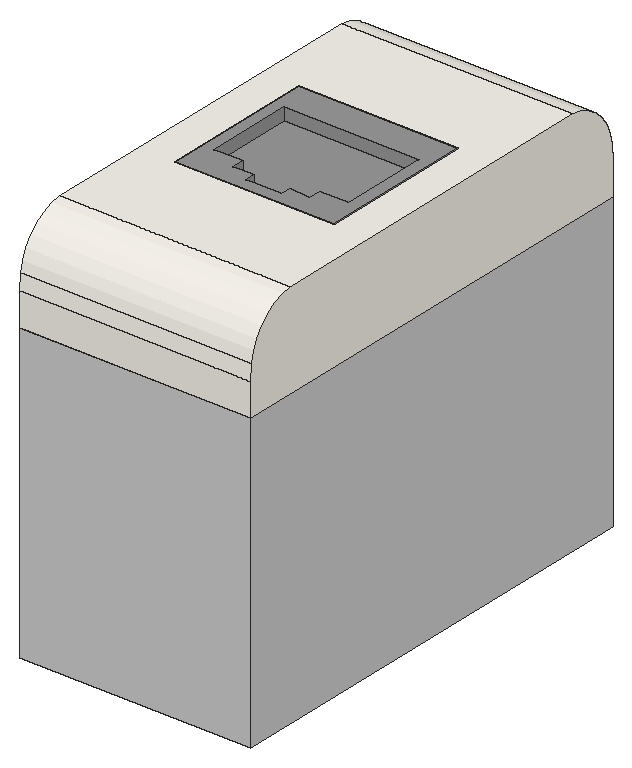
Revit family "Domotics-DomesticRanges-GEWISS-CHORUS_DATA-SOCKET-OUTLET_RJ11", category Apparecchi elettrici, host Superficie, Revit 2016
Family settings
  Host = Superficie
  Mantenere orientamento annotazione = Sì
  Tipo di parte = Normale
  Quota connettore circolare = Usa diametro
  Numero OmniClass = 23.80.50.14
  Titolo OmniClass = Plug Connectors
  Taglio con vuoti quando caricato = Sì
  Condiviso = Sì
  Punto di calcolo locali = Sì
Parameters (values of type "GW14402 - Titanium")
  Volt = 230 V
  Vista di pianta [instance] = yes
  Version file RFA = "19.0"
  URL = "https://www.gewiss.com/ww/en"
  Type: = "In out"
  Type = "In out"
  Tipo_ = CHORUS PRESE RJ11_BASE : TITANIO
  Technical sheet = "https://www.gewiss.com/ww/en/search?q=GW14402"
  Simbolo_ = SIMBOLO PRESE TELEFONO : PRESA TEL
  SIMBOLO [instance] = yes
  SEO = "Socket outlet"
  Realized by GEWISS S.p.A. = ""
  Produttore = "GEWISS S.p.A."
  No. Chorus modules: = "1"
  No. Chorus modules = "1"
  N. poli = 1
  Modello = "GW14402"
  IFC.TypeObject = ""
  IFC.ExportType = ""
  IFC.ExportAs = ""
  Offset pulsante [instance] = 0 mm
  Offset bidimensionale [instance] = 2 mm
  Larghezza presa = 23 mm
  IDT = "45381b81-222b-4d35-9f73-019257e71c9e"
  IDF = "bb8e3a72-2a5c-4532-8acd-c40bef2c28fa"
  Electrocod = "3720"
  EAN code = "8011564267091"
  Distanza_x [instance] = 0 mm
  Distanza_effettiva_x [instance] = 1500 mm - Distanza_x  # 1500 mm
  Default Elevation = 1219.2 mm
  Immagine tipo = GW14402.jpg
  Descrizione = "TELEPHONE CONN. RJ11 IN-OUT 1M TITANIUM"
  Description: = "RJ11"
  Description. = "Telephone socket-outlet"
  Connection = "Impact tool"
  Colour = "Titanium"
  Category = "Telephone socket-outlet"
  Catalogue Range = "CHORUS - DOMESTIC RANGE"
  Catalogue = "DOMOTICS"
  Carico apparente = 0 VA
  COBie.Tagnumber = ""
  COBie.CreatedOn = ""
  COBie.CreatebBy = ""
  COBie.ComponentRegisterItemID = ""
  COBie.Component.TagNumber = ""
  COBie.Component.Space = ""
  COBie.Component.SerialNumber = ""
  COBie.Component.InstallationDate = ""
  COBie.Component.Description = ""
  COBie.Component.BarCode = ""
Types (6, lengths in mm): name | Type: | Type | Tipo_ | Technical sheet | Modello | IDT | EAN code | Immagine tipo | Descrizione | Connection | Colour
  GW10401 - White | "" | "" | CHORUS PRESE RJ11_BASE : BIANCO | "https://www.gewiss.com/ww/en/search?q=GW10401" | "GW10401" | "c45dac4a-eb3f-47c3-8a1e-c6b7171b36ff" | "8011564257641" | GW10402.jpg | "TELEPHONE CONNECTOR RJ11 1M WHITE" | "Screw-on terminals" | "White"
  GW10402 - White | "In out" | "In out" | CHORUS PRESE RJ11_BASE : BIANCO | "https://www.gewiss.com/ww/en/search?q=GW10402" | "GW10402" | "1664d57e-1490-456f-ab75-993e139990bc" | "8011564257658" | GW10402.jpg | "TELEPHONE CONNECTOR RJ11 IN-OUT 1M WHITE" | "Impact tool" | "White"
  GW12401 - Black | "" | "" | CHORUS PRESE RJ11_BASE : NERO | "https://www.gewiss.com/ww/en/search?q=GW12401" | "GW12401" | "88f3b3a6-f33c-4002-af65-6e1a25fee04e" | "8011564269033" | GW12401.jpg | "TELEPHONE CONNECTOR RJ11 1M BLACK" | "Screw-on terminals" | "Black"
  GW12402 - Black | "In out" | "In out" | CHORUS PRESE RJ11_BASE : NERO | "https://www.gewiss.com/ww/en/search?q=GW12402" | "GW12402" | "d4739775-2060-4f2e-b187-499a70454118" | "8011564269040" | GW12402.jpg | "TELEPHONE CONNECTOR RJ11 IN-OUT 1M BLACK" | "Impact tool" | "Black"
  GW14401 - Titanium | "" | "" | CHORUS PRESE RJ11_BASE : TITANIO | "https://www.gewiss.com/ww/en/search?q=GW14401" | "GW14401" | "fff10031-f71b-40a0-8555-ed97867b4c99" | "8011564267084" | GW14401.jpg | "TELEPHONE CONNECTOR RJ11 1M TITANIUM" | "Screw-on terminals" | "Titanium"
  GW14402 - Titanium | "In out" | "In out" | CHORUS PRESE RJ11_BASE : TITANIO | "https://www.gewiss.com/ww/en/search?q=GW14402" | "GW14402" | "45381b81-222b-4d35-9f73-019257e71c9e" | "8011564267091" | GW14402.jpg | "TELEPHONE CONN. RJ11 IN-OUT 1M TITANIUM" | "Impact tool" | "Titanium"
Reference planes
  plane 1 "Centro (Fronte/Retro)": y = 0
  plane 2: z = 0
  plane 3 "Centro (Sinistra/Destra)": x = 0
  plane 4: z = 0
  plane 5 "piano bidimensionale": z = 41
  plane 6: x = -11.5
  plane 7: x = 11.5
  plane 8: z = 39
  plane 9: x = -1500
  plane 10: x = 0
Lines and regions (mm)
  Masking region 1, visible <- "Vista di pianta"
    outline origin (0, 0, 0) x (1, 0, 0) y (0, 0, 1)
      loop
        line (-11.5, 39) -> (-11.5, 0) -> (11.5, 0) -> (11.5, 39) -> (-11.5, 39)
  Masking region 2, visible <- "Vista di pianta"
    outline origin (0, 0, 41) x (0, -1, 0) y (1, 0, 0)
      loop
        line (-22.5, -11.5) -> (22.5, -11.5) -> (22.5, 11.5) -> (-22.5, 11.5) -> (-22.5, -11.5)
  Masking region 3, visible <- "Vista di pianta"
    outline origin (0, 0, 41) x (0, -1, 0) y (1, 0, 0)
      loop
        line (22.5, -11.5) -> (22.5, 11.5) -> (-22.5, 11.5) -> (-22.5, -11.5) -> (22.5, -11.5)
      loop
        line (-7.708, 7.931) -> (-7.708, -7.931) -> (7.708, -7.931) -> (7.708, 7.931) -> (-7.708, 7.931)
      loop
        line (4.347, 6.696) -> (-4.341, 6.696) -> (-4.341, -6.696) -> (4.344, -6.696) -> (4.344, -3.825) -> (5.557, -3.825) -> (5.557, -1.773) -> (6.557, -1.773) -> (6.557, 1.773) -> (5.557, 1.773) -> (5.557, 3.825) -> (4.347, 3.825) -> (4.347, 6.696)
  Masking region 4, visible <- "Vista di pianta"
    outline origin (0, 0, 0) x (0, 1, 0) y (0, 0, 1)
      loop
        line (22.5, 0) -> (22.5, 39) -> (-22.5, 39) -> (-22.5, 0) -> (22.5, 0)
  model lines, style "pulsanti", detail levels coarse
    curve 1: line (-11.5, 22.5, 41) -> (11.5, 22.5, 41)
    curve 2: line (-11.5, -22.5, 41) -> (-11.5, 22.5, 41)
    curve 3: line (11.5, -22.5, 41) -> (-11.5, -22.5, 41)
    curve 4: line (11.5, 22.5, 41) -> (11.5, -22.5, 41)
    curve 5: line (7.931, 7.708, 41) -> (-7.931, 7.708, 41)
    curve 6: line (-7.931, 7.708, 41) -> (-7.931, -7.708, 41)
    curve 7: line (-7.931, -7.708, 41) -> (7.931, -7.708, 41)
    curve 8: line (7.931, -7.708, 41) -> (7.931, 7.708, 41)
    curve 9: line (-6.696, 4.341, 41) -> (6.696, 4.341, 41)
    curve 10: line (6.696, 4.341, 41) -> (6.696, -4.347, 41)
    curve 11: line (6.696, -4.347, 41) -> (3.825, -4.347, 41)
    curve 12: line (3.825, -4.347, 41) -> (3.825, -5.557, 41)
    curve 13: line (3.825, -5.557, 41) -> (1.773, -5.557, 41)
    curve 14: line (1.773, -5.557, 41) -> (1.773, -6.557, 41)
    curve 15: line (1.773, -6.557, 41) -> (-1.773, -6.557, 41)
    curve 16: line (-1.773, -6.557, 41) -> (-1.773, -5.557, 41)
    curve 17: line (-1.773, -5.557, 41) -> (-3.825, -5.557, 41)
    curve 18: line (-3.825, -5.557, 41) -> (-3.825, -4.344, 41)
    curve 19: line (-3.825, -4.344, 41) -> (-6.696, -4.344, 41)
    curve 20: line (-6.696, -4.344, 41) -> (-6.696, 4.341, 41)
  model lines, style "pulsanti", not visible, detail levels coarse
    curve 21: line (-11.5, 22.5, 60) -> (11.5, 22.5, 60)
    curve 22: line (-11.5, -22.5, 60) -> (-11.5, 22.5, 60)
    curve 23: line (11.5, -22.5, 60) -> (-11.5, -22.5, 60)
    curve 24: line (11.5, 22.5, 60) -> (11.5, -22.5, 60)
    curve 25: line (7.931, 7.708, 60) -> (-7.931, 7.708, 60)
    curve 26: line (-7.931, 7.708, 60) -> (-7.931, -7.708, 60)
    curve 27: line (-7.931, -7.708, 60) -> (7.931, -7.708, 60)
    curve 28: line (7.931, -7.708, 60) -> (7.931, 7.708, 60)
    curve 29: line (-6.696, 4.341, 60) -> (6.696, 4.341, 60)
    curve 30: line (6.696, 4.341, 60) -> (6.696, -4.347, 60)
    curve 31: line (6.696, -4.347, 60) -> (3.825, -4.347, 60)
    curve 32: line (3.825, -4.347, 60) -> (3.825, -5.557, 60)
    curve 33: line (3.825, -5.557, 60) -> (1.773, -5.557, 60)
    curve 34: line (1.773, -5.557, 60) -> (1.773, -6.557, 60)
    curve 35: line (1.773, -6.557, 60) -> (-1.773, -6.557, 60)
    curve 36: line (-1.773, -6.557, 60) -> (-1.773, -5.557, 60)
    curve 37: line (-1.773, -5.557, 60) -> (-3.825, -5.557, 60)
    curve 38: line (-3.825, -5.557, 60) -> (-3.825, -4.344, 60)
    curve 39: line (-3.825, -4.344, 60) -> (-6.696, -4.344, 60)
    curve 40: line (-6.696, -4.344, 60) -> (-6.696, 4.341, 60)
Dimensions and locks
  "Offset pulsante": plane 4 to host face
  equal spacing: plane 6, plane 3 "Centro (Sinistra/Destra)", plane 7
  "Larghezza presa": plane 6 to plane 7
  locked: plane 8 to plane 4 at 39
  plane 9 to plane 3 "Centro (Sinistra/Destra)" = 1500 mm
  "Distanza_effettiva_x": plane 9 to plane 10
  "Offset bidimensionale": plane 5 "piano bidimensionale" to plane 8
  aligned and locked: plane 2 to host face
  aligned and locked: level to host face
  aligned and locked: plane 1 "Centro (Fronte/Retro)" to nested 1
  aligned and locked: nested 1 to plane 4  (x3)
  aligned and locked: plane 6 to nested 1
  aligned and locked: plane 7 to nested 1
  aligned and locked: plane 6 to Masking region 1 sketch curve
  aligned and locked: plane 4 to Masking region 1 sketch curve
  aligned and locked: Masking region 1 sketch curve to nested 1
  aligned and locked: Masking region 1 sketch curve to plane 8
  aligned and locked: plane 10 to nested 2
  aligned and locked: Masking region 2 sketch curve to curve 1
  aligned and locked: Masking region 2 sketch curve to curve 2
  aligned and locked: Masking region 2 sketch curve to curve 3
  aligned and locked: Masking region 2 sketch curve to curve 4
  aligned and locked: Masking region 3 sketch curve to nested 1  (x4)
  aligned and locked: plane 5 "piano bidimensionale" to curve 3
  aligned and locked: nested 1 to plane 8
  aligned and locked: plane 8 to nested 1  (x2)
  aligned and locked: Masking region 1 to plane 4
  aligned and locked: plane 5 "piano bidimensionale" to curve 4
  aligned and locked: Masking region 4 sketch curve to nested 1  (x2)
  aligned and locked: Masking region 4 sketch curve to plane 8
  aligned and locked: plane 4 to Masking region 4 sketch curve
Automatic sketch dimensions
  host sketch curve to host sketch curve = 2438.4 mm  (x2)
  plane 1 "Centro (Fronte/Retro)" to Masking region 3 sketch curve = 22.5 mm
  plane 6 to Masking region 3 sketch curve = 3.569 mm
  plane 1 "Centro (Fronte/Retro)" to Masking region 3 sketch curve = 7.708 mm
  Masking region 3 sketch curve to plane 7 = 3.569 mm
  plane 1 "Centro (Fronte/Retro)" to Masking region 3 sketch curve = 4.347 mm
  Masking region 3 sketch curve to Masking region 3 sketch curve = 1.21 mm
  Masking region 3 sketch curve to Masking region 3 sketch curve = 2.87 mm  (x2)
  plane 3 "Centro (Sinistra/Destra)" to Masking region 3 sketch curve = 1.773 mm
  Masking region 3 sketch curve to Masking region 3 sketch curve = 1 mm  (x2)
  Masking region 3 sketch curve to plane 3 "Centro (Sinistra/Destra)" = 1.773 mm
  Masking region 3 sketch curve to Masking region 3 sketch curve = 2.053 mm
  Masking region 3 sketch curve to Masking region 3 sketch curve = 1.213 mm
  Masking region 3 sketch curve to Masking region 3 sketch curve = 3.367 mm
  Masking region 3 sketch curve to Masking region 3 sketch curve = 1.235 mm
  curve 1 to curve 6 = 14.792 mm
  curve 5 to curve 9 = 3.367 mm
  curve 9 to curve 20 = 8.685 mm
  curve 9 to curve 11 = 8.688 mm
  curve 18 to curve 17 = 1.213 mm
  curve 11 to curve 12 = 1.21 mm
  curve 16 to curve 15 = 1 mm
  curve 10 to curve 7 = 3.361 mm
  curve 7 to curve 3 = 14.792 mm
  curve 1 to curve 5 = 3.569 mm
  curve 7 to curve 19 = 1.235 mm
  curve 19 to curve 19 = 2.87 mm
  curve 17 to curve 16 = 2.053 mm
  curve 15 to curve 15 = 3.545 mm
  curve 13 to curve 12 = 2.053 mm
  curve 11 to curve 10 = 2.87 mm
  curve 10 to curve 7 = 1.235 mm
  curve 7 to curve 3 = 3.569 mm
  curve 21 to curve 26 = 14.792 mm
  curve 25 to curve 29 = 3.367 mm
  curve 29 to curve 40 = 8.685 mm
  curve 29 to curve 31 = 8.688 mm
  curve 38 to curve 37 = 1.213 mm
  curve 31 to curve 32 = 1.21 mm
  curve 36 to curve 35 = 1 mm
  curve 30 to curve 27 = 3.361 mm
  curve 27 to curve 23 = 14.792 mm
  curve 21 to curve 25 = 3.569 mm
  curve 27 to curve 39 = 1.235 mm
  curve 39 to curve 39 = 2.87 mm
  curve 37 to curve 36 = 2.053 mm
  curve 35 to curve 35 = 3.545 mm
  curve 33 to curve 32 = 2.053 mm
  curve 31 to curve 30 = 2.87 mm
  curve 30 to curve 27 = 1.235 mm
  curve 27 to curve 23 = 3.569 mm
  Masking region 3 sketch curve to plane 1 "Centro (Fronte/Retro)" = 7.708 mm
Nested families
  nested 1: "CHORUS PRESE RJ11_BASE" at (0, 0, 0), type <- "Tipo_", type "TITANIO", detail levels medium+fine
  nested 2: "SIMBOLO PRESE TELEFONO" at (0, 100, 0), type <- "Simbolo_", SIMBOLO <- "SIMBOLO", visible <- "SIMBOLO", type "PRESA TEL"
    with TESTO ELETTRICO "TP", Distanza dal muro 4.208 mm, BORDO ACCESO yes
Connectors
  electrical at (0, 0, 0), driven by "N. poli", driven by "Volt", driven by "Carico apparente"
    settings: on nested 1, index 1, voltage 230 V, apparent load 0 VA, apparent load phase1 0 VA, apparent load phase2 0 VA, apparent load phase3 0 VA, power factor 1, load classification "Other", number of poles 1, system type 31, power factor state 1, is connector primary yes, connector utility no, sub classification motor no, connector description ""
Definition of nested family "CHORUS PRESE RJ11_BASE"
  Parameters (values of type "TITANIO")
    Elemento acciaio = none
    Supporto = none
    Struttura = none
    Pulsante = none
    Profondità suporto = 15.673 mm
    Larghezza pulsante = 23 mm  # constant formula
    Bidimensionale = 36.414 mm
    Altezza pulsante = 45 mm
  Types (3): name
    BIANCO
    NERO
    TITANIO
  Reference planes
    plane 1 "Centro (Fronte/Retro)": y = 0
    plane 2: z = 0
    plane 3 "Centro (Sinistra/Destra)": x = 0
    plane 4: y = -22.5
    plane 5: y = 22.5
    plane 6: x = -11.5
    plane 7: x = 11.5
    plane 8 "PIANO BIDIMENSIONALE": z = 36.414
    plane 9: z = 29.457
    plane 10: z = 39
    plane 11: z = 37
  Forms (mm)
    Extrusion 1, solid, material <- "Pulsante"
      sketch origin (0, 0, -13.506) x (0, 1, 0) y (0, 0, 1)
        loop
          arc (-17.507, 52.506) -> (-20.777, 50.977) -> (-22.34, 47.722) r 5.368
          line (-22.34, 47.722) -> (-22.5, 46.196) -> (-22.5, 42.963) -> (22.5, 42.963) -> (22.5, 46.196) -> (22.34, 47.722)
          arc (22.34, 47.722) -> (20.777, 50.977) -> (17.507, 52.506) r 5.368
          line (17.507, 52.506) -> (-17.507, 52.506)
      from -11.5 to 11.5
    Extrusion 2, void
      sketch origin (0, 0, 36.414) x (-1, 0, 0) y (0, -1, 0)
        loop
          line (7.931, -7.708) -> (7.931, 7.708) -> (-7.931, 7.708) -> (-7.931, -7.708) -> (7.931, -7.708)
      from 0.586 to 2.826
    Extrusion 3, solid, material <- "Elemento acciaio"
      sketch origin (0, 0, 36.414) x (-1, 0, 0) y (0, -1, 0)
        loop
          line (7.931, -7.708) -> (7.931, 7.708) -> (-7.931, 7.708) -> (-7.931, -7.708) -> (7.931, -7.708)
        loop
          line (1.773, 5.557) -> (1.773, 6.557) -> (-1.773, 6.557) -> (-1.773, 5.557) -> (-3.825, 5.557) -> (-3.825, 4.347) -> (-6.696, 4.347) -> (-6.696, -4.341) -> (6.696, -4.341) -> (6.696, 4.344) -> (3.825, 4.344) -> (3.825, 5.557) -> (1.773, 5.557)
      from 0.586 to 2.586
    Extrusion 4, solid, material <- "Elemento acciaio", detail levels medium+fine
      sketch origin (0, 0, 36.414) x (-1, 0, 0) y (0, -1, 0)
        loop
          line (7.931, -7.708) -> (7.931, 7.708) -> (-7.931, 7.708) -> (-7.931, -7.708) -> (7.931, -7.708)
      from 1.416 to 0
    Extrusion 5, solid, material <- "Supporto"
      sketch origin (0, 0, 0) x (0, 1, 0) y (0, 0, 1)
        loop
          line (-22.5, 0) -> (22.5, 0) -> (22.5, 29.457) -> (-22.5, 29.457) -> (-22.5, 0)
      from -11.5 to 11.5
  Cuts and joins
    Extrusion 2 cuts Extrusion 1
  Lines and regions (mm)
    Masking region 1
      outline origin (0, 0, 36.414) x (-1, 0, 0) y (0, -1, 0)
        loop
          line (11.5, -22.5) -> (11.5, 22.5) -> (-11.5, 22.5) -> (-11.5, -22.5) -> (11.5, -22.5)
        loop
          line (-7.931, -7.708) -> (7.931, -7.708) -> (7.931, 7.708) -> (-7.931, 7.708) -> (-7.931, -7.708)
        loop
          line (6.696, -4.341) -> (6.696, 4.344) -> (3.825, 4.344) -> (3.825, 5.557) -> (1.773, 5.557) -> (1.773, 6.557) -> (-1.773, 6.557) -> (-1.773, 5.557) -> (-3.825, 5.557) -> (-3.825, 4.347) -> (-6.696, 4.347) -> (-6.696, -4.341) -> (6.696, -4.341)
    Masking region 2
      outline origin (0, 0, 36.414) x (-1, 0, 0) y (0, -1, 0)
        loop
          line (7.931, -7.708) -> (7.931, 7.708) -> (-7.931, 7.708) -> (-7.931, -7.708) -> (7.931, -7.708)
        loop
          line (-6.696, -4.341) -> (6.696, -4.341) -> (6.696, 4.344) -> (3.825, 4.344) -> (3.825, 5.557) -> (1.773, 5.557) -> (1.773, 6.557) -> (-1.773, 6.557) -> (-1.773, 5.557) -> (-3.825, 5.557) -> (-3.825, 4.347) -> (-6.696, 4.347) -> (-6.696, -4.341)
  Dimensions and locks
    equal spacing: plane 4, plane 1 "Centro (Fronte/Retro)", plane 5
    plane 4 to plane 5 = 45 mm
    equal spacing: plane 6, plane 3 "Centro (Sinistra/Destra)", plane 7
    "Larghezza pulsante": plane 6 to plane 7
    equal spacing: plane 5, plane 1 "Centro (Fronte/Retro)", plane 4
    "Altezza pulsante": plane 5 to plane 4
    "Bidimensionale": plane 8 "PIANO BIDIMENSIONALE" to level
    plane 1 "Centro (Fronte/Retro)" to Extrusion 3 = 7.708 mm
    level to plane 10 = 39 mm
    locked: plane 9 to plane 10 at 9.543
    locked: plane 11 to plane 10 at 2
    aligned and locked: level to plane 2
    aligned and locked: Extrusion 1 to plane 6
    aligned and locked: plane 7 to Extrusion 1
    aligned and locked: plane 9 to Extrusion 5
    aligned and locked: Extrusion 3 to plane 10
    aligned and locked: Extrusion 1 sketch curve to plane 10
    aligned and locked: plane 11 to Extrusion 3
    aligned and locked: plane 10 to Extrusion 3  (x2)
  Automatic sketch dimensions
    Extrusion 2 sketch curve to plane 1 "Centro (Fronte/Retro)" = 7.708 mm
    plane 1 "Centro (Fronte/Retro)" to Extrusion 2 sketch curve = 7.708 mm
    Extrusion 3 sketch curve to Extrusion 3 sketch curve = 2.87 mm
    plane 3 "Centro (Sinistra/Destra)" to Extrusion 3 sketch curve = 1.773 mm
    Extrusion 3 sketch curve to plane 3 "Centro (Sinistra/Destra)" = 1.773 mm
    Extrusion 3 sketch curve to Extrusion 3 sketch curve = 2.053 mm  (x2)
    Extrusion 3 sketch curve to plane 1 "Centro (Fronte/Retro)" = 7.708 mm
    Extrusion 3 sketch curve to Extrusion 3 sketch curve = 3.367 mm
    plane 1 "Centro (Fronte/Retro)" to Extrusion 3 sketch curve = 4.344 mm
    plane 1 "Centro (Fronte/Retro)" to Extrusion 3 sketch curve = 4.347 mm
    Extrusion 3 sketch curve to Extrusion 3 sketch curve = 1.21 mm
    Extrusion 3 sketch curve to Extrusion 3 sketch curve = 1.213 mm
    Extrusion 3 sketch curve to Extrusion 3 sketch curve = 3.361 mm
    Extrusion 3 sketch curve to Extrusion 3 sketch curve = 1 mm
    Extrusion 4 sketch curve to plane 1 "Centro (Fronte/Retro)" = 7.708 mm
    plane 1 "Centro (Fronte/Retro)" to Extrusion 4 sketch curve = 7.708 mm
    plane 1 "Centro (Fronte/Retro)" to Masking region 1 sketch curve = 7.708 mm
    Masking region 1 sketch curve to Masking region 1 sketch curve = 2.87 mm  (x2)
    plane 3 "Centro (Sinistra/Destra)" to Masking region 1 sketch curve = 1.773 mm
    Masking region 1 sketch curve to plane 3 "Centro (Sinistra/Destra)" = 1.773 mm
    Masking region 1 sketch curve to Masking region 1 sketch curve = 2.053 mm
    Masking region 1 sketch curve to Masking region 1 sketch curve = 3.367 mm
    plane 1 "Centro (Fronte/Retro)" to Masking region 1 sketch curve = 4.344 mm
    plane 1 "Centro (Fronte/Retro)" to Masking region 1 sketch curve = 4.347 mm
    Masking region 1 sketch curve to Masking region 1 sketch curve = 1.213 mm
    Masking region 1 sketch curve to Masking region 1 sketch curve = 1.21 mm
    Masking region 1 sketch curve to Masking region 1 sketch curve = 1 mm
    plane 1 "Centro (Fronte/Retro)" to Masking region 2 sketch curve = 7.708 mm
    Masking region 2 sketch curve to Masking region 2 sketch curve = 2.87 mm  (x2)
    plane 3 "Centro (Sinistra/Destra)" to Masking region 2 sketch curve = 1.773 mm
    Masking region 2 sketch curve to plane 3 "Centro (Sinistra/Destra)" = 1.773 mm
    Masking region 2 sketch curve to Masking region 2 sketch curve = 2.053 mm
    Masking region 2 sketch curve to Masking region 2 sketch curve = 3.367 mm
    plane 1 "Centro (Fronte/Retro)" to Masking region 2 sketch curve = 4.344 mm
    plane 1 "Centro (Fronte/Retro)" to Masking region 2 sketch curve = 4.347 mm
    Masking region 2 sketch curve to Masking region 2 sketch curve = 1.213 mm
    Masking region 2 sketch curve to Masking region 2 sketch curve = 1.21 mm
    Masking region 2 sketch curve to Masking region 2 sketch curve = 1 mm
    Extrusion 5 sketch curve to plane 4 = 0 mm
    Extrusion 5 sketch curve to level = 0 mm
    Extrusion 5 sketch curve to plane 5 = 0 mm
    level to Extrusion 5 sketch curve = 29.457 mm
    Masking region 1 sketch curve to plane 5 = 0 mm
    Masking region 1 sketch curve to plane 7 = 0 mm
    Masking region 1 sketch curve to plane 6 = 0 mm
    Masking region 1 sketch curve to plane 4 = 0 mm
    Extrusion 1 sketch curve to plane 4 = 0 mm
    Extrusion 1 sketch curve to plane 5 = 0 mm
    plane 4 to Extrusion 1 sketch curve = 0.16 mm
    Extrusion 1 sketch curve to plane 5 = 0.16 mm
    Extrusion 1 sketch curve to Extrusion 1 sketch curve = 3.233 mm
    Extrusion 1 sketch curve to Extrusion 1 sketch curve = 0.965 mm  (x2)
    Extrusion 1 sketch curve to Extrusion 1 sketch curve = 1.526 mm  (x2)
    Extrusion 2 sketch curve to plane 7 = 3.569 mm
    Extrusion 3 sketch curve to plane 7 = 3.569 mm
    Extrusion 4 sketch curve to plane 7 = 3.569 mm
    Masking region 1 sketch curve to plane 7 = 3.569 mm
    Masking region 1 sketch curve to Masking region 1 sketch curve = 1.235 mm
    Masking region 2 sketch curve to plane 7 = 4.804 mm
    Masking region 2 sketch curve to plane 7 = 3.569 mm
    plane 6 to Extrusion 2 sketch curve = 3.569 mm
    plane 6 to Extrusion 3 sketch curve = 4.804 mm
    plane 6 to Extrusion 3 sketch curve = 3.569 mm
    plane 6 to Extrusion 4 sketch curve = 3.569 mm
    plane 6 to Masking region 1 sketch curve = 3.569 mm
    plane 6 to Masking region 2 sketch curve = 3.569 mm
    plane 9 to Extrusion 1 sketch curve = 0 mm
    plane 4 to Extrusion 1 sketch curve = 4.993 mm
    Extrusion 1 sketch curve to plane 8 "PIANO BIDIMENSIONALE" = 2.758 mm
    Extrusion 1 sketch curve to Extrusion 1 sketch curve = 5.339 mm
    Masking region 2 sketch curve to plane 1 "Centro (Fronte/Retro)" = 4.341 mm
    Masking region 1 sketch curve to plane 1 "Centro (Fronte/Retro)" = 7.708 mm
Definition of nested family "SIMBOLO PRESE TELEFONO"
  Parameters (values of type "PRESA TEL")
    TESTO ELETTRICO [instance] = "TXT"
    Simbolo = SIMBOLO PRESE TELEFONO_BASE : PRESA
    SIMBOLO [instance] = yes
    Distanza dal muro [instance] = 4.208 mm
    BORDO ACCESO [instance] = yes
  Reference planes
    plane 1: y = 0
    plane 2: x = 0
  Dimensions and locks
    aligned and locked: plane 2 to nested 1
    aligned and locked: plane 1 to nested 1
  Nested families
    nested 1: "SIMBOLO PRESE TELEFONO_BASE" at (0, 0, 0), TESTO ELETTRICO <- "TESTO ELETTRICO", BORDO ACCESO <- "BORDO ACCESO", type <- "Simbolo", visible <- "SIMBOLO", type "PRESA"
      with TESTO ELETTRICO "TXT", BORDO ACCESO yes
  Definition of nested family "SIMBOLO PRESE TELEFONO_BASE"
    Parameters (values of type "PRESA")
      TESTO ELETTRICO [instance] = "TXT"
      Distanza dal muro = 4.208 mm
      BORDO ACCESO [instance] = yes
    Reference planes
      plane 1: y = 0
      plane 2: x = 0
    Lines and regions (mm)
      detail lines, visible <- "BORDO ACCESO", not visible
        curve 1: line (-1.743, 9.208, 0) -> (2.057, 9.208, 0)
        curve 2: line (2.057, 9.208, 0) -> (2.057, 4.208, 0)
        curve 3: line (2.057, 4.208, 0) -> (-1.743, 4.208, 0)
        curve 4: line (-1.743, 4.208, 0) -> (-1.743, 9.208, 0)
        curve 5: line (-1.543, 9.008, 0) -> (1.857, 9.008, 0)
        curve 6: line (1.857, 9.008, 0) -> (1.857, 4.408, 0)
        curve 7: line (1.857, 4.408, 0) -> (-1.543, 4.408, 0)
        curve 8: line (-1.543, 4.408, 0) -> (-1.543, 9.008, 0)
      detail lines
        curve 9: line (0.851, 1.172, 0) -> (-0.851, 1.172, 0)
        curve 10: line (0, 1.172, 0) -> (0, 0.32, 0)
        curve 11: line (-0.851, 2.023, 0) -> (-0.851, 1.172, 0)
        curve 12: line (0.851, 2.023, 0) -> (0.851, 1.172, 0)
    Text (mm)
      label "TXT" at (0.016, 1.658, 0), shows "TESTO ELETTRICO"
